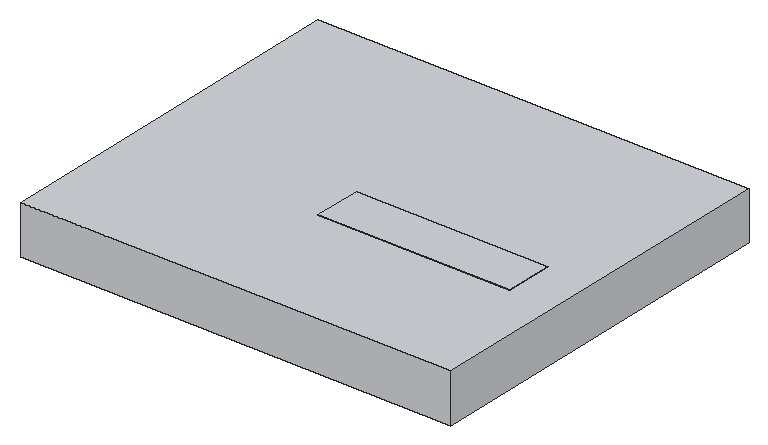
Revit family "M_Iluminação embutida de emergência", category Luminárias, Revit 2019
Family settings
  Hospedeiro = Face
  Cota do conector redondo = Utilizar diâmetro
  Tipo de parte = Normal
  Número OmniClass = 23.80.70.11.21
  Título OmniClass = Emergency Lighting
  ID de item do Seek = Emergency Recessed Lighting Fixture-0000-CAN-ENU
  Corte com vazios quando carregada = Não
  Fonte luminosa = Sim
  Compartilhado = Não
  Ponto de cálculo do ambiente = Não
Parameters (values of type "300x1200 - 120")
  Largura = 300 mm
  Wattage = 64 W
  built-in parameter 1150110 = 1 (stored number, unit not read)
  built-in parameter 1150109 = 1 (stored number, unit not read)
  built-in parameter 1150134 = 8
  built-in parameter 1150113 = 1 (stored number, unit not read)
  Tilt Angle = -90.00°
  Arquivo de rede fotométrica = "1x42A12.ies"
  Voltagem normal = 120 V
  Lumens = 5699.84 lm
  built-in parameter 1114217 = 0.88 (stored number, unit not read)
  built-in parameter 1150115 = 1 (stored number, unit not read)
  built-in parameter 1150105 = 453.58 (stored number, unit not read)
  Classificação de carga = Iluminação - Unidade de interrupção
  built-in parameter 1150137 = 1
  built-in parameter 1150139 = (empty or 0)
  Comprimento = 1200 mm
  built-in parameter 1150112 = 1 (stored number, unit not read)
  built-in parameter 1150114 = 1 (stored number, unit not read)
  built-in parameter 1150132 = (empty or 0)
  built-in parameter 1150102 = (empty or 0)
  built-in parameter 1150138 = (empty or 0)
  built-in parameter 1150107 = 4230 (stored number, unit not read)
  built-in parameter 1150106 = 4.5358 (stored number, unit not read)
  Emitir da largura do retângulo = Largura  # 300 mm
  Emitir do comprimento do retângulo = Comprimento  # 1200 mm
  Emit Shape Visible in Rendering = no
  Voltagem de emergência = 120 V
  Carga de emergência = 32 VA
  built-in parameter 1150104 = 8.2739 (stored number, unit not read)
  Troca de temperatura da cor de lâmpada com esmaecimento = <Nenhum>
  Linear = 150 mm
  Elevação-padrão = 2000 mm
  Color Filter = 16777215
  built-in parameter 1140040 [instance] = 1
  built-in parameter 1114218 = 0.88 (stored number, unit not read)
  built-in parameter 1150133 = 10 (stored number, unit not read)
  Assembly Code = ""
  Apparent Load = 64 VA
Types (8, lengths in mm): name | Largura | Wattage | Arquivo de rede fotométrica | Voltagem normal | Lumens | built-in parameter 1150105 | Comprimento | built-in parameter 1150106 | Emitir da largura do retângulo | Emitir do comprimento do retângulo | Voltagem de emergência | Carga de emergência | built-in parameter 1150104 | Apparent Load
  300x1200 - 120 | 300 | 64 W | "1x42A12.ies" | 120 V | 5699.84 lm | 453.58 (stored number, unit not read) | 1200 | 4.5358 (stored number, unit not read) | 300 | 1200 | 120 V | 32 VA | 8.2739 (stored number, unit not read) | 64 VA
  300x1200 - 277 | 300 | 64 W | "1x42A12.ies" | 277 V | 5699.84 lm | 453.58 (stored number, unit not read) | 1200 | 4.5358 (stored number, unit not read) | 300 | 1200 | 277 V | 32 VA | 8.2739 (stored number, unit not read) | 64 VA
  500x1200 - 120 | 500 | 64 W | "20x42A12.ies" | 120 V | 5699.84 lm | 453.58 (stored number, unit not read) | 1200 | 4.5358 (stored number, unit not read) | 500 | 1200 | 120 V | 32 VA | 8.2739 (stored number, unit not read) | 64 VA
  500x1200 - 277 | 500 | 64 W | "20x42A12.ies" | 277 V | 5699.84 lm | 453.58 (stored number, unit not read) | 1200 | 4.5358 (stored number, unit not read) | 500 | 1200 | 277 V | 32 VA | 8.2739 (stored number, unit not read) | 64 VA
  600x600 - 120 | 600 | 62 W | "2x22UA12.ies" | 120 V | 5199.94 lm | 413.8 (stored number, unit not read) | 600 | 4.138 (stored number, unit not read) | 600 | 600 | 120 V | 31 VA | 7.7918 (stored number, unit not read) | 62 VA
  600x600 - 277 | 600 | 62 W | "2x22UA12.ies" | 277 V | 5199.94 lm | 413.8 (stored number, unit not read) | 600 | 4.138 (stored number, unit not read) | 600 | 600 | 277 V | 31 VA | 7.7918 (stored number, unit not read) | 31 VA
  600x1200 - 120 | 600 | 96 W | "2x43A12.ies" | 120 V | 8549.76 lm | 680.37 (stored number, unit not read) | 1200 | 6.8037 (stored number, unit not read) | 600 | 1200 | 120 V | 32 VA | 8.2739 (stored number, unit not read) | 96 VA
  600x1200 - 277 | 600 | 96 W | "2x43A12.ies" | 277 V | 8549.76 lm | 680.37 (stored number, unit not read) | 1200 | 6.8037 (stored number, unit not read) | 600 | 1200 | 277 V | 32 VA | 8.2739 (stored number, unit not read) | 96 VA
Reference planes
  plane 1 "Centro (Frente/Trás)": y = 0
  plane 2: z = 0
  plane 3 "Centro (Esquerda/Direita)": x = 0
  plane 4: x = 1200
  plane 5: y = -300
  plane 6: z = -150
  plane 7: y = -304.8
  plane 8: y = -150
  plane 9: x = 600
Forms (mm)
  Extrusion 1, solid
    sketch origin (0, 0, 0) x (1, 0, 0) y (0, 1, 0)
      loop
        line (-1219.2, 1219.2) -> (-1219.2, -1113.817) -> (1484.565, -1113.817) -> (1484.565, 1219.2) -> (-1219.2, 1219.2)
    from 0 to -304.8
  Extrusion 2, solid, detail levels fine
    sketch origin (0, 0, 0) x (1, 0, 0) y (0, 1, 0)
      loop
        line (0, 0) -> (0, -300) -> (1200, -300) -> (1200, 0) -> (0, 0)
    from -150 to 0
  Extrusion 3, void
    sketch origin (0, 0, 0) x (0, 1, 0) y (0, 0, 1)
      loop
        line (0, 0) -> (-150, -150) -> (0, -150) -> (0, 0)
    from 0 to 1200
  Extrusion 4, void
    sketch origin (0, -609.6, 0) x (0, -1, 0) y (0, 0, -1)
      loop
        line (-309.6, 0) -> (-309.6, 150) -> (-459.6, 150) -> (-309.6, 0)
    from 0 to 1200
  Extrusion 5, solid, detail levels coarse+medium
    sketch origin (0, 0, 0) x (1, 0, 0) y (0, 1, 0)
      loop
        line (0, 0) -> (0, -300) -> (1200, -300) -> (1200, 0) -> (0, 0)
    from -150 to 0
Cuts and joins
  Extrusion 3, Extrusion 4 cuts Extrusion 2
Dimensions and locks
  "Largura": plane 5 to plane 1 "Centro (Frente/Trás)"
  "Comprimento": plane 3 "Centro (Esquerda/Direita)" to plane 4
  "Linear": plane 6 to Extrusion 1
  "Linear": Extrusion 2 to Extrusion 3 sketch curve  (x2)
  "Linear": cut or joined group of Extrusion 2, Extrusion 3, Extrusion 4 to Extrusion 4 sketch curve
  "Linear": Extrusion 4 sketch curve to cut or joined group of Extrusion 2, Extrusion 3, Extrusion 4
  equal spacing: plane 5, plane 8, plane 1 "Centro (Frente/Trás)"
  equal spacing: plane 3 "Centro (Esquerda/Direita)", plane 9, plane 4
  aligned and locked: plane 2 to Extrusion 1
  aligned and locked: level to Extrusion 1
  aligned and locked: plane 3 "Centro (Esquerda/Direita)" to Extrusion 2 sketch curve
  aligned and locked: plane 1 "Centro (Frente/Trás)" to Extrusion 2 sketch curve
  aligned and locked: plane 5 to Extrusion 2 sketch curve
  aligned and locked: Extrusion 2 sketch curve to plane 4
  aligned and locked: Extrusion 2 to plane 6
  aligned and locked: level to Extrusion 2
  aligned and locked: Extrusion 3 sketch curve to plane 1 "Centro (Frente/Trás)"
  aligned and locked: Extrusion 3 sketch curve to plane 6
  aligned and locked: Extrusion 3 to plane 3 "Centro (Esquerda/Direita)"
  aligned and locked: plane 4 to Extrusion 3
  aligned and locked: Extrusion 4 to plane 5
  aligned and locked: Extrusion 2 to Extrusion 4
  aligned and locked: Extrusion 4 to plane 3 "Centro (Esquerda/Direita)"
  aligned and locked: plane 4 to Extrusion 4
  aligned and locked: plane 3 "Centro (Esquerda/Direita)" to Extrusion 5 sketch curve
  aligned and locked: plane 1 "Centro (Frente/Trás)" to Extrusion 5 sketch curve
  aligned and locked: plane 5 to Extrusion 5 sketch curve
  aligned and locked: Extrusion 5 sketch curve to plane 4
  aligned and locked: Extrusion 5 to plane 6
  aligned and locked: Extrusion 1 to Extrusion 5
  aligned and locked: plane 2 to imposter light
  aligned and locked: plane 8 to imposter light
  aligned and locked: plane 9 to imposter light
Automatic sketch dimensions
  Extrusion 4 sketch curve to plane 6 = 0 mm
  Extrusion 4 sketch curve to plane 5 = 0 mm
  Extrusion 1 sketch curve to Extrusion 1 sketch curve = 2703.765 mm
  Extrusion 1 sketch curve to Extrusion 1 sketch curve = 2333.017 mm
Nested families
  nested 1: "M_Detalhe da emergência" at (0, 0, 0), Largura <- "Largura", Comprimento <- "Comprimento", type "Detalhe da emergência"
    with Largura 300 mm, Comprimento 1200 mm
Connectors
  electrical at (600, -150, -150), driven by "Apparent Load", driven by "Voltagem normal"
    settings: on Extrusion 2, index 1, voltage 120 V, apparent load 0 VA, apparent load phase1 64 VA, apparent load phase2 0 VA, apparent load phase3 0 VA, power factor 0.95, load classification "Iluminação", number of poles 1, system type 31, power factor state 1, is connector primary yes, connector utility no, sub classification motor no, connector description ""
  electrical at (600, -150, -150), driven by "Carga de emergência", driven by "Voltagem de emergência", driven by "Classificação de carga"
    settings: on Extrusion 2, index 2, voltage 120 V, apparent load 0 VA, apparent load phase1 32 VA, apparent load phase2 0 VA, apparent load phase3 0 VA, power factor 0.95, load classification "Iluminação - Unidade de interrupção", number of poles 1, system type 31, power factor state 1, is connector primary no, connector utility no, sub classification motor no, connector description ""
Definition of nested family "M_Detalhe da emergência"
  Parameters
    Largura [instance] = 609.6 mm
    Comprimento [instance] = 1219.2 mm
    Assembly Code = ""
  Reference planes
    plane 1 "Centro (Frente/Trás)": y = 0
    plane 2: z = 0
    plane 3 "Centro (Esquerda/Direita)": x = 0
    plane 4: y = -609.6
    plane 5: x = 1219.2
  Lines and regions (mm)
    Filled region 1, type "Preenchimento sólido - Preto", in view "Nível de referência"
      outline origin (0, 0, 0) x (1, 0, 0) y (0, 1, 0)
        loop
          line (0, 0) -> (1219.2, -609.6) -> (1219.2, 0) -> (0, 0)
    detail lines, in view "Nível de referência"
      curve 1: line (0, 0, 0) -> (0, -609.6, 0)
      curve 2: line (0, -609.6, 0) -> (1219.2, -609.6, 0)
  Dimensions and locks
    "Largura": plane 4 to plane 1 "Centro (Frente/Trás)"
    "Comprimento": plane 3 "Centro (Esquerda/Direita)" to plane 5
    aligned and locked: plane 1 "Centro (Frente/Trás)" to curve 1
    aligned and locked: curve 1 to plane 3 "Centro (Esquerda/Direita)"
    aligned and locked: plane 5 to curve 2
    aligned and locked: curve 2 to plane 4
  Automatic sketch dimensions
    curve 1 to plane 3 "Centro (Esquerda/Direita)" = 0 mm
    Filled region 1 sketch curve to plane 3 "Centro (Esquerda/Direita)" = 0 mm
    Filled region 1 sketch curve to plane 1 "Centro (Frente/Trás)" = 0 mm
    Filled region 1 sketch curve to plane 5 = 0 mm
    Filled region 1 sketch curve to plane 4 = 0 mm
